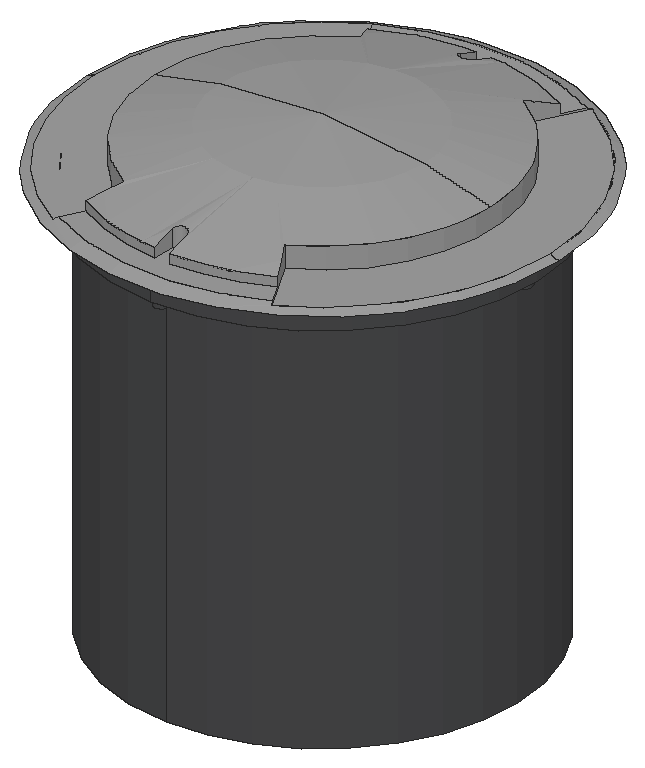
Revit family "ROLL OVER LIGHT 02_CM2W.2", category Luminarias, Revit 2019
Family settings
  Cota de conector redondo = Diámetro de uso
  Tipo de pieza = Normal
  Se basa en plano de trabajo = Sí
  Siempre vertical = No
  Corte con vacíos al cargar = No
  Origen de luz = Sí
  Compartido = No
  Punto de cálculo de habitación = No
Parameters (values of type "ROLL OVER LIGHT 02_CM2W.2")
  Zone [instance] = ""
  Watt per fixture = 3
  Wattage = 3.9 W
  built-in parameter 1150107 = 3000 (stored number, unit not read)
  Light Source Symbol Size = 609.6 mm
  built-in parameter 1150110 = 1 (stored number, unit not read)
  built-in parameter 1150109 = 1 (stored number, unit not read)
  built-in parameter 1150112 = 1 (stored number, unit not read)
  built-in parameter 1150113 = 1 (stored number, unit not read)
  built-in parameter 1114218 = 1 (stored number, unit not read)
  Keynote = ""
  built-in parameter 1150137 = (empty or 0)
  built-in parameter 1150132 = (empty or 0)
  Modelo = "CM2W.2"
  Lámpara = "SMD 3030"
  Longitud [instance] = 1000 mm
  built-in parameter 1150105 = 47.745 (stored number, unit not read)
  built-in parameter 1150102 = (empty or 0)
  built-in parameter 1150106 = 0.47745 (stored number, unit not read)
  Lumens = 149.994 lm
  Color Filter = 16777215
  built-in parameter 1114217 = 1 (stored number, unit not read)
  built-in parameter 1150139 = (empty or 0)
  Fabricante = "BRILLANT"
  Default Elevation = 0 mm
  built-in parameter 1150104 = 3.5731 (stored number, unit not read)
  Descripción = "LUMINARIA DE CORTESIA CIRCULAR EMPOTRABLE EN PISO, PRINCIPALMENTE EN ESTACIONAMIENTOS, CON UN PESO DE 2.3KG, CUERPO DE ALUMINIO FUNDIDO A PRESION CUBIERTO CON POLVO GRIS, USO PARA INTERIORES O EXTERIORES IP67, ALTA RESISTENCIA AL IMPACTO IK10, 6 LEDS DE 0.5W TIPO SMD3030 CON UNA POTENCIA TOTAL DE 3.9W, 150 LUMENES, EFICIENCIA DE 38.46LM/W, TEMPERATURA DE BLANCO CALIDO 3000K, CORRIENTE DE OPERACIÓN EN 57mA, DIMMEABLE OPCIONAL POR TRIAC, HOUSING DE PVC 157mm EN DIAMENTRO y 150mm DE PROFUNDIDAD, CABLE DE 0.5M H05RN-F, ALIMENTADA A 100-240V."
  built-in parameter 1150115 = 1 (stored number, unit not read)
  built-in parameter 1150114 = 1 (stored number, unit not read)
  Comentarios de vataje = "100-240V"
  built-in parameter 1150138 = (empty or 0)
  built-in parameter 1150134 = (empty or 0)
  Circuit [instance] = ""
  Dimming Lamp Color Temperature Shift = (empty or 0)
  built-in parameter 1150133 = 10 (stored number, unit not read)
Reference planes
  plane 1 "Centro (Frontal/Posterior)": y = 0
  plane 2: z = 0
  plane 3 "Centro (Izquierda/Derecha)": x = 0
  plane 4: z = -102.5
  plane 5: z = -102.5
Forms (mm)
  Revolve 1, solid, material "Aluminio"
    sketch origin (0, 0, 0) x (1, 0, 0) y (0, 0, 1)
      loop
        arc (0, 17.873) -> (-37.244, 14.672) -> (-73.396, 5.162) r 218.255
        line (-73.396, 5.162) -> (-73.396, 1.97) -> (-81.784, 1.97)
        arc (-81.784, 1.97) -> (-84.148, 0.999) -> (-86.5, 0) r 218.255
        line (-86.5, 0) -> (-58.75, 0) -> (-58.75, -87.69)
        arc (-58.75, -87.69) -> (-56.806, -89.634) -> (-58.75, -91.578) r 1.944
        line (-58.75, -91.578) -> (-58.75, -102.5) -> (0, -102.5) -> (0, 17.873)
      axis (0, 17.873) -> (0, -102.5)
    angle from 0 to 360
  Extrusion 2, solid, material "Aluminio"
    sketch origin (0, 0, 0) x (-1, 0, 0) y (0, 0, -1)
      loop
        line (62.318, 0) -> (58.75, 87.69) -> (58.75, 0) -> (62.318, 0)
      loop
        line (-62.318, 0) -> (-58.75, 0) -> (-58.75, 87.69) -> (-62.318, 0)
    from -1.968 to 1.93
  Extrusion 3, void
    sketch origin (0, 0, 0) x (1, 0, 0) y (0, 1, 0)
      loop
        line (41.436, 76.01) -> (29.468, 54.061)
        arc (29.468, 54.061) -> (61.495, 0.037) -> (29.463, -53.983) r 61.573
        line (29.463, -53.983) -> (41.436, -75.93)
        arc (41.436, -75.93) -> (86.495, 0.04) -> (41.436, 76.01) r 86.573
      loop
        arc (-41.436, 76.01) -> (-86.495, 0.04) -> (-41.436, -75.93) r 86.573
        line (-41.436, -75.93) -> (-29.463, -53.983)
        arc (-29.463, -53.983) -> (-61.495, 0.037) -> (-29.468, 54.061) r 61.573
        line (-29.468, 54.061) -> (-41.436, 76.01)
    from 1.314 to 15
  Extrusion 4, void
    sketch origin (0, 0, 0) x (1, 0, 0) y (0, 1, 0)
      loop
        arc (-2.757, 65.877) -> (0, 63.12) -> (2.757, 65.877) r 2.757
        line (2.757, 65.877) -> (2.757, 73.647) -> (-2.757, 73.647) -> (-2.757, 65.877)
      loop
        line (-2.757, -65.839) -> (-2.757, -73.609) -> (2.757, -73.609) -> (2.757, -65.839)
        arc (2.757, -65.839) -> (0, -63.082) -> (-2.757, -65.839) r 2.757
    from 1.97 to 15
  Extrusion 5, solid
    sketch origin (0, 0, 0) x (1, 0, 0) y (0, 1, 0)
      loop
        circle (0, -49.028) r 8
    from -106.407 to -102.5
  Extrusion 6, solid
    sketch origin (0, 0, 0) x (1, 0, 0) y (0, 1, 0)
      loop
        line (0, -42.286) -> (-5.838, -45.657) -> (-5.838, -52.399) -> (0, -55.769) -> (5.838, -52.399) -> (5.838, -45.657) -> (0, -42.286)
    from -110.637 to -106.407
  Extrusion 7, solid
    sketch origin (0, 0, 0) x (1, 0, 0) y (0, 1, 0)
      loop
        circle (0, -49.028) r 4.039
    from -123.239 to -110.637
  Revolve 8, solid, material "Plastico"
    sketch origin (0, 0, 32.574) x (0, 0, 1) y (0, -1, 0)
      loop
        line (-32.574, 75.5) -> (-32.574, 78.5) -> (-41.733, 78.5) -> (-41.733, 71.518) -> (-182.574, 71.518) -> (-182.574, 0) -> (-179.574, 0) -> (-179.574, 68.518) -> (-38.733, 68.518) -> (-38.733, 75.5) -> (-32.574, 75.5)
      axis (-182.574, 0) -> (-32.574, 0)
    angle from 0 to 360
  Extrusion 9, solid, material "Aluminio"
    sketch origin (-0.011, 0, 0) x (-0.866025, 0.5, 0) y (0, 0, -1)
      loop
        line (62.318, 0) -> (58.75, 87.69) -> (58.75, 0) -> (62.318, 0)
      loop
        line (-62.318, 0) -> (-58.75, 0) -> (-58.75, 87.69) -> (-62.318, 0)
    from -1.968 to 1.93
  Extrusion 10, solid, material "Aluminio"
    sketch origin (-0.025, 0.005, 0) x (-0.5, 0.866025, 0) y (0, 0, -1)
      loop
        line (62.318, 0) -> (58.75, 87.69) -> (58.75, 0) -> (62.318, 0)
      loop
        line (-62.318, 0) -> (-58.75, 0) -> (-58.75, 87.69) -> (-62.318, 0)
    from -1.968 to 1.93
  Extrusion 11, solid, material "Aluminio"
    sketch origin (-0.038, 0.019, 0) x (0, 1, 0) y (0, 0, -1)
      loop
        line (62.318, 0) -> (58.75, 87.69) -> (58.75, 0) -> (62.318, 0)
      loop
        line (-62.318, 0) -> (-58.75, 0) -> (-58.75, 87.69) -> (-62.318, 0)
    from -1.968 to 1.93
  Extrusion 12, solid, material "Aluminio"
    sketch origin (-0.041, 0.043, 0) x (0.5, 0.866025, 0) y (0, 0, -1)
      loop
        line (62.318, 0) -> (58.75, 87.69) -> (58.75, 0) -> (62.318, 0)
      loop
        line (-62.318, 0) -> (-58.75, 0) -> (-58.75, 87.69) -> (-62.318, 0)
    from -1.968 to 1.93
  Extrusion 13, solid, material "Aluminio"
    sketch origin (-0.027, 0.066, 0) x (0.866025, 0.5, 0) y (0, 0, -1)
      loop
        line (62.318, 0) -> (58.75, 87.69) -> (58.75, 0) -> (62.318, 0)
      loop
        line (-62.318, 0) -> (-58.75, 0) -> (-58.75, 87.69) -> (-62.318, 0)
    from -1.968 to 1.93
  Extrusion 14, solid, material "Plastico"
    sketch origin (0, 0, 0) x (1, 0, 0) y (0, 1, 0)
      loop
        circle (0, -73.965) r 2.479
      loop
        circle (0, 73.965) r 2.479
      loop
        circle (-73.965, 0) r 2.479
      loop
        circle (73.965, 0) r 2.479
    from -12.065 to -9.16
Cuts and joins
  Extrusion 3, Extrusion 4 cuts Revolve 1
  Extrusion 3 cuts Extrusion 2
Dimensions and locks
  plane 2 to plane 5 = 102.5 mm
  level to Revolve 8 = 150 mm
  aligned and locked: level to plane 2
  aligned and locked: plane 4 to Revolve 1 sketch curve
  aligned and locked: plane 5 to Extrusion 5
  aligned and locked: Extrusion 14 to Revolve 8
Connectors
  electrical at (0, 0, -150)
    settings: on Revolve 8, index 1, voltage 240 V, apparent load 0 VA, apparent load phase1 0 VA, apparent load phase2 0 VA, apparent load phase3 0 VA, power factor 1, load classification "Otro", number of poles 1, system type 31, power factor state 1, is connector primary yes, connector utility no, sub classification motor no, connector description ""
